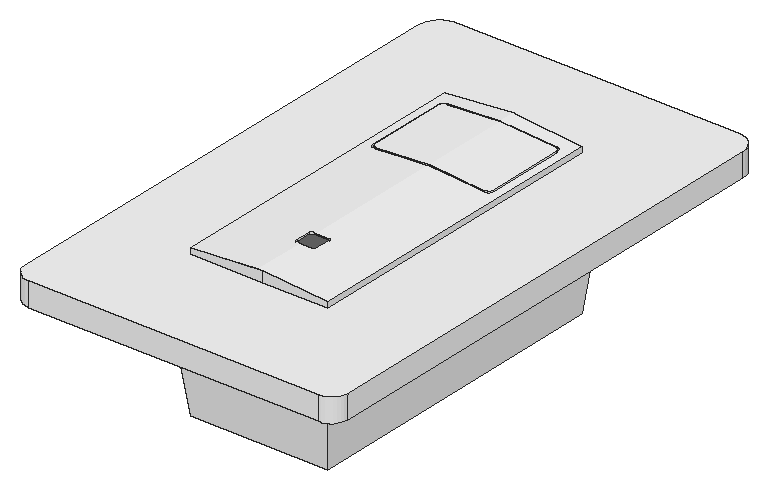
Revit family "LHIR", category Communication Devices, host Face, Revit 2021
Family settings
  Host = Face
  Maintain Annotation Orientation = No
  Round Connector Dimension = Use Diameter
  Part Type = Normal
  OmniClass Number = 23.85.80.11.27
  OmniClass Title = Lighting Controls
  Cut with Voids When Loaded = No
  Shared = Yes
  Room Calculation Point = No
Parameters (values of type "LHIRD0-24V")
  Warranty = "5-Years Warranty"  # constant formula
  Type Comments = "LightHAWK®2 Passive Infrared Wall Switch Sensor\r"  # constant formula
  Standby Power = "120VAC: 0.1,277VAC: 0.1,347VAC: 0.4"  # constant formula
  Product Page URL = ""
  URL = "https://www.currentlighting.com/nxlightingcontrols"
  Product Documentation Link = ""
  Model = "Wall Switch Occupancy Sensors\r"  # constant formula
  Manufacturer = " NX Lighting Control"  # constant formula
  Width = 2.75"
  Features = "Digital passive infrared (PIR) sensor\r\nIntelliDAPT self-adaptive technology—no manual adjustment required \r\nDual circuit has isolated relays \r\n Occupancy (auto-on) and Vacancy (manual-on) operating modes \r\n Available with or without Neutral \r\n 1,000 square-foot, 180° coverage area \r\nRhinoTuff™ vandal resistant lens \r\n 120/277VAC operation  \r\nNo minimum load requirement \r\n Zero Arc Point Switching \r\n Five-year limited warranty \r\n 120-277 Vac and 347 Vac models \r\n Low voltage device: 24 VDC\r\n"  # constant formula
  Contact Us = ""
  Black = Paint -  Carbon Black
  Height = 4.50"
  White = Paint -  Matte White
  Description = "The LightHAWK2 Passive Infrared Wall Switch Sensor uses passive\r\ninfrared (PIR) technology to detect motion. The most affordable of the\r\nmotion detecting technologies, this sensor type is ideal for detecting\r\nlarge motion in areas with an unobstructed view of the sensor. This\r\nsensor has a coverage area of up to 1,000 square feet and 180° of\r\ndetection."  # constant formula
  Default Elevation = 48.00"
  Copyright = "Copyright ©  NX Lighting Control"  # constant formula
  Assembly Code = "D5090"
  2 = no
  1 = no
Types (13): name | 2 | 1
  (no name) | no | no
  LHIRD0-24V | no | no
  LHIRD0-G | no | no
  LHIRD0-N | no | no
  LHIRD2-24V | yes | no
  LHIRD2-G | yes | no
  LHIRD2-N | yes | no
  LHIRS0-24V | no | no
  LHIRS0-G | no | no
  LHIRS0-N | no | no
  LHIRS1-24V | no | yes
  LHIRS1-G | no | yes
  LHIRS1-N | no | yes
Reference planes (in)
  plane 1 "Center (Front/Back)": y = 13.01342
  plane 2: z = 0
  plane 3 "Center (Left/Right)": x = 0
  plane 4: x = -1.375
  plane 5: x = 1.375
  plane 6: y = 15.26342
  plane 7: y = 10.76342
  plane 8: z = -1.35
  plane 9: z = 0.3
Forms (in)
  Extrusion 1, solid, material "Paint -  Matte White" <- "White"
    sketch origin (0, 0, -0.5) x (1, 0, 0) y (0, 1, 0)
      loop
        arc (-1.17464, 15.26342) -> (-1.31632, 15.20473) -> (-1.375, 15.06306) r 0.20036
        line (-1.375, 15.06306) -> (-1.375, 10.91856)
        arc (-1.375, 10.91856) -> (-1.32956, 10.80886) -> (-1.21986, 10.76342) r 0.15514
        line (-1.21986, 10.76342) -> (1.23768, 10.76342)
        arc (1.23768, 10.76342) -> (1.33478, 10.80364) -> (1.375, 10.90074) r 0.13732
        line (1.375, 10.90074) -> (1.375, 15.08233)
        arc (1.375, 15.08233) -> (1.32196, 15.21038) -> (1.19391, 15.26342) r 0.18109
        line (1.19391, 15.26342) -> (-1.17464, 15.26342)
    from 0.6 to 0.4
  Extrusion 2, solid, material "Paint -  Matte White" <- "White"
    sketch origin (0, 0, 0) x (1, 0, 0) y (0, 1, 0)
      loop
        line (-0.61252, 14.41205) -> (-0.61252, 11.71709) -> (0, 11.71709) -> (0.55202, 11.71709) -> (0.55202, 14.41205) -> (0, 14.41205) -> (-0.61252, 14.41205)
    from 0.23534 to 0.1
  Extrusion 3, solid, material "Paint -  Matte White" <- "White", visible <- "2"
    sketch origin (0, -0.15625, -0.15625) x (1, 0, 0) y (0, 1, 0)
      loop
        arc (-0.36532, 13.31515) -> (-0.44943, 13.23104) -> (-0.36532, 13.14693) r 0.08411
        line (-0.36532, 13.14693) -> (0.36532, 13.14693)
        arc (0.36532, 13.14693) -> (0.44943, 13.23104) -> (0.36532, 13.31515) r 0.08411
        line (0.36532, 13.31515) -> (-0.36532, 13.31515)
    from 0.41734 to 0.3
  Extrusion 4, void
    sketch origin (0, 13.01342, -0.15625) x (1, 0, 0) y (0, 0, 1)
      loop
        line (-0.68234, 0.93634) -> (-0.68234, 0.33634)
        arc (-0.68234, 0.33634) -> (0.00087, 0.41153) -> (0.68408, 0.33634) r 3.14149
        line (0.68408, 0.33634) -> (0.68408, 0.93634) -> (-0.68234, 0.93634)
    from 0.45009 to -0.22916
  Extrusion 5, void
    sketch origin (0, 13.01342, 0) x (1, 0, 0) y (0, 0, 1)
      loop
        line (-0.80064, 0.50032) -> (-0.80064, 0.11093)
        arc (-0.80064, 0.11093) -> (-0.03604, 0.19217) -> (0.72866, 0.11196) r 3.66183
        line (0.72866, 0.11196) -> (0.72866, 0.50032) -> (-0.80064, 0.50032)
    from 1.29633 to -1.39863
  Extrusion 6, void
    sketch origin (0, 0, 0) x (1, 0, 0) y (0, 1, 0)
      loop
        arc (-0.05987, 12.32805) -> (-0.07481, 12.32186) -> (-0.081, 12.30692) r 0.02113
        line (-0.081, 12.30692) -> (-0.081, 12.17922)
        arc (-0.081, 12.17922) -> (-0.0748, 12.16425) -> (-0.05983, 12.15805) r 0.02118
        line (-0.05983, 12.15805) -> (0.07098, 12.15805)
        arc (0.07098, 12.15805) -> (0.08505, 12.16387) -> (0.09087, 12.17794) r 0.01989
        line (0.09087, 12.17794) -> (0.09087, 12.30681)
        arc (0.09087, 12.30681) -> (0.08465, 12.32183) -> (0.06964, 12.32805) r 0.02123
        line (0.06964, 12.32805) -> (-0.05987, 12.32805)
    from 0.2 to 0.18
  Extrusion 7, void
    sketch origin (0, 0, 0) x (1, 0, 0) y (0, 1, 0)
      loop
        arc (-0.4785, 14.26887) -> (-0.50959, 14.256) -> (-0.52247, 14.22491) r 0.04396
        line (-0.52247, 14.22491) -> (-0.52247, 13.56121)
        arc (-0.52247, 13.56121) -> (-0.51007, 13.53127) -> (-0.48013, 13.51887) r 0.04234
        line (-0.48013, 13.51887) -> (0.43515, 13.51887)
        arc (0.43515, 13.51887) -> (0.46512, 13.53128) -> (0.47753, 13.56125) r 0.04238
        line (0.47753, 13.56125) -> (0.47753, 14.22788)
        arc (0.47753, 14.22788) -> (0.46552, 14.25687) -> (0.43654, 14.26887) r 0.04099
        line (0.43654, 14.26887) -> (-0.4785, 14.26887)
      loop
        arc (-0.4785, 14.27887) -> (-0.51666, 14.26307) -> (-0.53247, 14.22491) r 0.05396
        line (-0.53247, 14.22491) -> (-0.53247, 13.56121)
        arc (-0.53247, 13.56121) -> (-0.51714, 13.5242) -> (-0.48013, 13.50887) r 0.05234
        line (-0.48013, 13.50887) -> (0.43515, 13.50887)
        arc (0.43515, 13.50887) -> (0.47219, 13.52421) -> (0.48753, 13.56125) r 0.05238
        line (0.48753, 13.56125) -> (0.48753, 14.22788)
        arc (0.48753, 14.22788) -> (0.4726, 14.26394) -> (0.43654, 14.27887) r 0.05099
        line (0.43654, 14.27887) -> (-0.4785, 14.27887)
    from 0.31907 to 0.14375
  Blend 8, solid, material "Paint -  Matte White" <- "White"
    base sketch origin (0, 0, 0) x (1, 0, 0) y (0, 1, 0)
      loop
        line (-0.73509, 14.56519) -> (-0.73509, 11.56519) -> (0.66835, 11.56519) -> (0.66835, 14.56519) -> (-0.73509, 14.56519)
    top sketch origin (0, 0, 0) x (1, 0, 0) y (0, 1, 0)
      loop
        line (-0.61252, 14.41205) -> (-0.61252, 11.71709) -> (0.55202, 11.71709) -> (0.55202, 14.41205) -> (-0.61252, 14.41205)
    from 0 to -1.12608
  Extrusion 9, solid, material "Paint -  Matte White" <- "White", visible <- "2"
    sketch origin (0, -0.48365, -0.15625) x (1, 0, 0) y (0, 1, 0)
      loop
        arc (-0.36532, 13.31515) -> (-0.44943, 13.23104) -> (-0.36532, 13.14693) r 0.08411
        line (-0.36532, 13.14693) -> (0.36532, 13.14693)
        arc (0.36532, 13.14693) -> (0.44943, 13.23104) -> (0.36532, 13.31515) r 0.08411
        line (0.36532, 13.31515) -> (-0.36532, 13.31515)
    from 0.41734 to 0.3
  Extrusion 10, solid, material "Paint -  Matte White" <- "White", visible <- "1"
    sketch origin (0, -0.31805, -0.15625) x (1, 0, 0) y (0, 1, 0)
      loop
        arc (-0.33407, 13.37765) -> (-0.48068, 13.23104) -> (-0.33407, 13.08443) r 0.14661
        line (-0.33407, 13.08443) -> (0.33407, 13.08443)
        arc (0.33407, 13.08443) -> (0.48068, 13.23104) -> (0.33407, 13.37765) r 0.14661
        line (0.33407, 13.37765) -> (-0.33407, 13.37765)
    from 0.41734 to 0.3
Cuts and joins
  Extrusion 4 cuts Extrusion 3
  Extrusion 5, Extrusion 6 cuts Extrusion 1
  Extrusion 5, Extrusion 6, Extrusion 7 cuts Extrusion 2
  joined: Extrusion 1, Extrusion 2
  Extrusion 4 cuts Extrusion 9
Dimensions and locks (in)
  plane 2 to plane 8 = 1.35"
  "Width": plane 4 to plane 5
  equal spacing: plane 4, plane 3 "Center (Left/Right)", plane 5
  "Height": plane 7 to plane 6
  equal spacing: plane 7, plane 1 "Center (Front/Back)", plane 6
  plane 9 to plane 8 = 1.65"
  aligned and locked: plane 2 to host face
  aligned and locked: level to host face
Automatic sketch dimensions
  host sketch curve to host sketch curve = 96.00"  (x2)
  Extrusion 1 sketch curve to plane 4 = 0.00"
  plane 7 to Extrusion 1 sketch curve = 0.00"
  plane 6 to Extrusion 1 sketch curve = 0.00"
  Extrusion 1 sketch curve to plane 5 = 0.00"
  plane 4 to Extrusion 1 sketch curve = 0.15514"
  plane 4 to Extrusion 1 sketch curve = 0.20036"
  Extrusion 1 sketch curve to Extrusion 1 sketch curve = 0.18109"
  Extrusion 1 sketch curve to plane 5 = 0.13732"
  Extrusion 2 sketch curve to plane 3 "Center (Left/Right)" = 0.00"  (x2)
  Extrusion 2 sketch curve to plane 3 "Center (Left/Right)" = 0.61252"
  Extrusion 2 sketch curve to Extrusion 2 sketch curve = 0.55202"
  Extrusion 2 sketch curve to plane 7 = 0.95367"
  plane 6 to Extrusion 2 sketch curve = 0.85137"
  Extrusion 3 sketch curve to plane 1 "Center (Front/Back)" = 0.14548"
  Extrusion 3 sketch curve to plane 3 "Center (Left/Right)" = 0.36532"
  plane 1 "Center (Front/Back)" to Extrusion 3 sketch curve = 0.02274"
  plane 3 "Center (Left/Right)" to Extrusion 3 sketch curve = 0.36532"
  plane 9 to Extrusion 4 sketch curve = 0.11991"
  Extrusion 4 sketch curve to plane 3 "Center (Left/Right)" = 0.68234"
  plane 3 "Center (Left/Right)" to Extrusion 4 sketch curve = 0.00087"
  plane 3 "Center (Left/Right)" to Extrusion 4 sketch curve = 0.68408"
  plane 8 to Extrusion 4 sketch curve = 1.53622"
  Extrusion 4 sketch curve to plane 9 = 0.48009"
  Extrusion 4 sketch curve to Extrusion 4 sketch curve = 0.00"
  level to Extrusion 5 sketch curve = 0.11093"
  plane 4 to Extrusion 5 sketch curve = 0.57436"
  Extrusion 5 sketch curve to plane 3 "Center (Left/Right)" = 0.03357"
  level to Extrusion 5 sketch curve = 0.11196"
  plane 3 "Center (Left/Right)" to Extrusion 5 sketch curve = 0.72866"
  Extrusion 5 sketch curve to plane 9 = 0.20032"
  Extrusion 6 sketch curve to plane 3 "Center (Left/Right)" = 0.081"
  Extrusion 6 sketch curve to Extrusion 6 sketch curve = 0.02113"
  Extrusion 6 sketch curve to Extrusion 6 sketch curve = 0.02118"
  plane 3 "Center (Left/Right)" to Extrusion 6 sketch curve = 0.06964"
  plane 3 "Center (Left/Right)" to Extrusion 6 sketch curve = 0.07098"
  Extrusion 6 sketch curve to Extrusion 6 sketch curve = 0.01989"
  plane 1 "Center (Front/Back)" to Extrusion 6 sketch curve = 0.85537"
  Extrusion 6 sketch curve to Extrusion 6 sketch curve = 0.12887"
  Extrusion 7 sketch curve to Extrusion 7 sketch curve = 0.00"  (x8)
  Extrusion 7 sketch curve to plane 3 "Center (Left/Right)" = 0.53247"
  Extrusion 7 sketch curve to Extrusion 7 sketch curve = 0.01"
  Extrusion 7 sketch curve to Extrusion 7 sketch curve = 0.04234"
  Extrusion 7 sketch curve to Extrusion 7 sketch curve = 0.04396"
  plane 3 "Center (Left/Right)" to Extrusion 7 sketch curve = 0.43515"
  plane 3 "Center (Left/Right)" to Extrusion 7 sketch curve = 0.43654"
  Extrusion 7 sketch curve to Extrusion 7 sketch curve = 0.04238"
  Extrusion 7 sketch curve to plane 1 "Center (Front/Back)" = 0.49545"
  Extrusion 7 sketch curve to Extrusion 7 sketch curve = 0.66369"
  plane 4 to Blend 8 sketch curve = 0.63991"
  plane 3 "Center (Left/Right)" to Blend 8 sketch curve = 0.66835"
  Blend 8 sketch curve to plane 7 = 0.80177"
  plane 6 to Blend 8 sketch curve = 0.69823"
  Blend 8 sketch curve to plane 3 "Center (Left/Right)" = 0.61252"
  plane 3 "Center (Left/Right)" to Blend 8 sketch curve = 0.55202"
  Blend 8 sketch curve to plane 7 = 0.95367"
  plane 6 to Blend 8 sketch curve = 0.85137"
  plane 1 "Center (Front/Back)" to Extrusion 9 sketch curve = 0.18192"
  Extrusion 9 sketch curve to plane 3 "Center (Left/Right)" = 0.36532"
  plane 3 "Center (Left/Right)" to Extrusion 9 sketch curve = 0.36532"
  Extrusion 9 sketch curve to Extrusion 9 sketch curve = 0.08411"
  Extrusion 10 sketch curve to plane 1 "Center (Front/Back)" = 0.04618"
  Extrusion 10 sketch curve to plane 3 "Center (Left/Right)" = 0.33407"
  plane 1 "Center (Front/Back)" to Extrusion 10 sketch curve = 0.24704"
  plane 3 "Center (Left/Right)" to Extrusion 10 sketch curve = 0.33407"
Connectors (in)
  electrical at (0.00464, 13.0023, 0.1)
    settings: on cut or joined group of Extrusion 1, Extrusion 2, Extrusion 5, Extrusion 6, Extrusion 7, index 1, voltage 0 V, apparent load 0 VA, apparent load phase1 0 VA, apparent load phase2 0 VA, apparent load phase3 0 VA, power factor 1, load classification "Other", number of poles 1, system type 14, power factor state 1, is connector primary yes, connector utility no, sub classification motor no, connector description "Wall Switch Occupancy Sensors"
